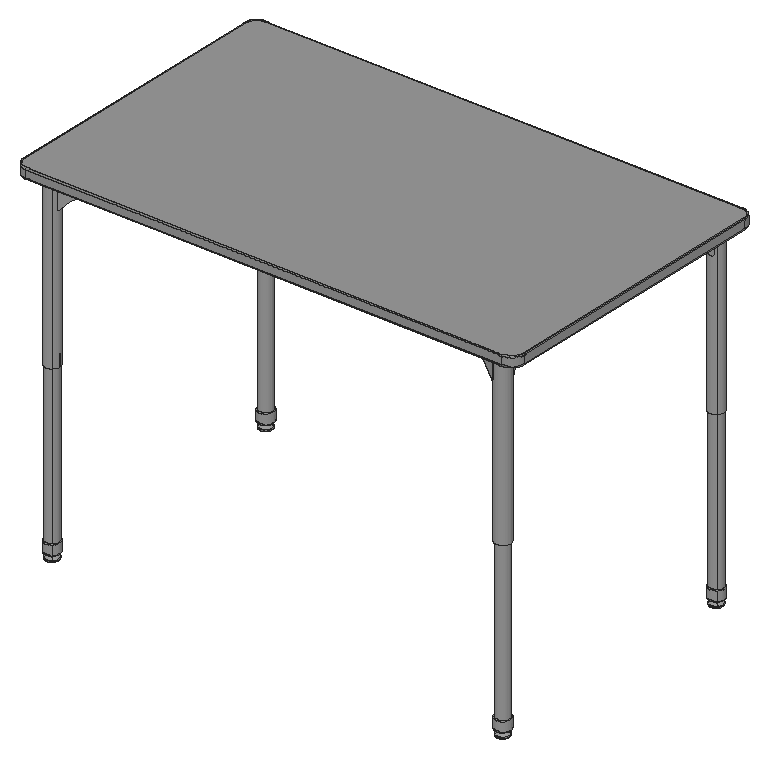
Revit family "Hierarchy Activity 60x36 Rectangle Table - Standing Height", category Furniture, Revit 2018
Family settings
  Work Plane-Based = No
  Always vertical = Yes
  Cut with Voids When Loaded = No
  Shared = No
  Room Calculation Point = No
Parameters
  Table Height = 3' - 5"
  Surface = Hierarchy Activity 60x36 Rectangle Table Standing Surface
  Leg Finish = Hierarchy Leg Platinum
  Edgeband = Hierarchy Activity 60x36 Rectangle Table Standing Edgeband
  Caster/Glide = Hierarchy Standing Leg - Glide : Hierarchy Standing Leg - Glide
Reference planes (in)
  plane 1 "Center (Front/Back)": y = 0
  plane 2: z = 0
  plane 3 "Center (Left/Right)": x = 0
  plane 4: z = 41
Dimensions and locks (in)
  "Table Height": plane 4 to level
  aligned and locked: plane 2 to level
  aligned and locked: nested 1 to plane 4
Nested families (in)
  nested 1: "Activity 60x36 Tabletop" at (0, 0, 17.075), type "Activity 60x36 Tabletop"
  nested 2: "Hierarchy Standing Leg - Glide" at (-27, 16, 0) x (0.7071, 0.7071, 0) z (0, 0, 1), type <- "Caster/Glide", Leg Finish <- "Leg Finish", Leg Height <- "Table Height", type "Hierarchy Standing Leg - Glide"
  nested 3: "Hierarchy Standing Leg - Glide" at (-27, -16, 0) x (0.7071, -0.7071, 0) z (0, 0, 1), type <- "Caster/Glide", Leg Finish <- "Leg Finish", Leg Height <- "Table Height", type "Hierarchy Standing Leg - Glide"
  nested 4: "Hierarchy Standing Leg - Glide" at (27, 16, 0) x (-0.7071, 0.7071, 0) z (0, 0, 1), Leg Finish <- "Leg Finish", Leg Height <- "Table Height", type "Hierarchy Standing Leg - Glide"
  nested 5: "Hierarchy Standing Leg - Glide" at (27, -16, 0) x (-0.7071, -0.7071, 0) z (0, 0, 1), Leg Finish <- "Leg Finish", Leg Height <- "Table Height", type "Hierarchy Standing Leg - Glide"
Definition of nested family "Activity 60x36 Tabletop"
  Parameters (values of type "Activity 60x36 Tabletop")
    Surface = none
    Edgeband = none
  Reference planes (in)
    plane 1 "Center (Front/Back)": y = 0
    plane 2: z = 0
    plane 3 "Center (Left/Right)": x = 0
  Forms (in)
    Extrusion 1, solid, material <- "Surface"
      sketch origin (0, 0, 0) x (1, 0, 0) y (0, 1, 0)
        loop
          line (28.5, 17.88189) -> (-28.5, 17.88189)
          arc (-28.5, 17.88189) -> (-29.47714, 17.47714) -> (-29.88189, 16.5) r 1.38189
          line (-29.88189, 16.5) -> (-29.88189, -16.5)
          arc (-29.88189, -16.5) -> (-29.47714, -17.47714) -> (-28.5, -17.88189) r 1.38189
          line (-28.5, -17.88189) -> (28.5, -17.88189)
          arc (28.5, -17.88189) -> (29.47714, -17.47714) -> (29.88189, -16.5) r 1.38189
          line (29.88189, -16.5) -> (29.88189, 16.5)
          arc (29.88189, 16.5) -> (29.47714, 17.47714) -> (28.5, 17.88189) r 1.38189
      from 23.925 to 25.125
    Sweep 2, solid, material <- "Edgeband"
      path origin (0, 0, 0) x (1, 0, 0) y (0, 1, 0)
        loop
          line (28.5, 17.88189) -> (-28.5, 17.88189)
          arc (-28.5, 17.88189) -> (-29.47714, 17.47714) -> (-29.88189, 16.5) r 1.38189
          line (-29.88189, 16.5) -> (-29.88189, -16.5)
          arc (-29.88189, -16.5) -> (-29.47714, -17.47714) -> (-28.5, -17.88189) r 1.38189
          line (-28.5, -17.88189) -> (28.5, -17.88189)
          arc (28.5, -17.88189) -> (29.47714, -17.47714) -> (29.88189, -16.5) r 1.38189
          line (29.88189, -16.5) -> (29.88189, 16.5)
          arc (29.88189, 16.5) -> (29.47714, 17.47714) -> (28.5, 17.88189) r 1.38189
      profile origin (0, 17.88189, 0) x (0, -1, 0) y (0, 0, 1)
        loop
          arc (0, 25.125) -> (-0.08352, 25.09041) -> (-0.11811, 25.00689) r 0.11811
          line (-0.11811, 25.00689) -> (-0.11811, 24.04311)
          arc (-0.11811, 24.04311) -> (-0.08352, 23.95959) -> (0, 23.925) r 0.11811
          line (0, 23.925) -> (0, 25.125)
  Dimensions and locks (in)
    aligned and locked: plane 2 to level
Definition of nested family "Hierarchy Standing Leg - Glide"
  Parameters (values of type "Hierarchy Standing Leg - Glide")
    Leg Finish [instance] = none
    Leg Height [instance] = 3' - 5"
  Reference planes (in)
    plane 1 "Center (Front/Back)": y = 0
    plane 2: z = 0
    plane 3 "Center (Left/Right)": x = 0
  Forms (in)
    Extrusion 1, solid
      sketch origin (-0.01562, 0, 0) x (1, 0, 0) y (0, 1, 0)
        loop
          circle (0.01563, 0) r 0.79147
      from 2 to 23.175
    Revolve 2, solid
      sketch origin (0, 0, 0) x (1, 0, 0) y (0, 0, 1)
        loop
          line (0, 2) -> (0, 0.74937) -> (0.84838, 0.74937)
          arc (0.84838, 0.74937) -> (0.89342, 0.76803) -> (0.91207, 0.81306) r 0.06369
          line (0.91207, 0.81306) -> (0.91207, 1.93631)
          arc (0.91207, 1.93631) -> (0.89342, 1.98134) -> (0.84838, 2) r 0.06369
          line (0.84838, 2) -> (0, 2)
        axis (0, 2) -> (0, 0.74937)
      angle from 0 to 360
    Revolve 3, solid
      sketch origin (0, 0, 0) x (1, 0, 0) y (0, 0, 1)
        loop
          line (0, 0.75) -> (0, 0) -> (0.74583, 0) -> (0.79147, 0.09013) -> (0.79147, 0.16241) -> (0.12474, 0.5) -> (0.12474, 0.75) -> (0, 0.75)
        axis (0, 0.75) -> (0, 0)
      angle from 0 to 360
  Dimensions and locks (in)
    "Leg Height": nested 1 to level
    aligned and locked: plane 2 to level
  Automatic sketch dimensions
    plane 1 "Center (Front/Back)" to Extrusion 1 sketch curve = 0' - 0"
    Extrusion 1 sketch curve to plane 3 "Center (Left/Right)" = 0' - 0"
    Revolve 2 sketch curve to plane 3 "Center (Left/Right)" = 0' - 0"  (x2)
    plane 3 "Center (Left/Right)" to Revolve 2 sketch curve = 0' - 0.84838"
    Revolve 2 sketch curve to Revolve 2 sketch curve = 0' - 0.84838"
    Revolve 2 sketch curve to Revolve 2 sketch curve = 0' - 0.06369"
    level to Revolve 2 sketch curve = 0' - 0.74937"
    Revolve 2 sketch curve to Revolve 2 sketch curve = 0' - 1.12324"
    Revolve 2 sketch curve to Revolve 2 sketch curve = 0' - 0.13731"
    Revolve 2 sketch curve to Revolve 2 sketch curve = 0' - 0 3/4"
    Revolve 3 sketch curve to plane 3 "Center (Left/Right)" = 0' - 0"  (x2)
    Revolve 3 sketch curve to level = 0' - 0"
    plane 3 "Center (Left/Right)" to Revolve 3 sketch curve = 0' - 0.12474"
    plane 3 "Center (Left/Right)" to Revolve 3 sketch curve = 0' - 0.74583"
    Revolve 3 sketch curve to Revolve 3 sketch curve = 0' - 0.04564"
    level to Revolve 3 sketch curve = 0' - 0.09013"
    Revolve 3 sketch curve to Revolve 3 sketch curve = 0' - 0.07228"
    level to Revolve 3 sketch curve = 0' - 0 1/2"
    Revolve 3 sketch curve to Revolve 3 sketch curve = 0' - 0 1/4"
    Revolve 3 sketch curve to level = 0' - 0 1/8"
    Revolve 3 sketch curve to Revolve 3 sketch curve = 0' - 0 1/8"
    radius of Extrusion 1 sketch curve = 0' - 0.79147"
  Nested families (in)
    nested 1: "Hierarchy Standing Upper Leg 2023" at (0, 0, 0.19983), Leg Finish <- "Leg Finish", type "Hierarchy Standing Upper Leg 2023"
      with Leg Finish none
  Definition of nested family "Hierarchy Standing Upper Leg 2023"
    Parameters (values of type "Hierarchy Standing Upper Leg 2023")
      Leg Finish [instance] = none
    Reference planes (in)
      plane 1 "Center (Front/Back)": y = 0
      plane 2: z = 0
      plane 3 "Center (Left/Right)": x = 0
    Forms (in)
      Extrusion 1, solid, material <- "Leg Finish"
        sketch origin (0, 0, 0) x (1, 0, 0) y (0, 1, 0)
          loop
            circle (0, 0) r 0.9129
        from 20.67418 to 40.67418
      Extrusion 2, solid, material <- "Leg Finish"
        sketch origin (0, 0, 12.998) x (1, 0, 0) y (0, 1, 0)
          loop
            line (-1.70174, 0.19183) -> (-3.96611, -4.49738)
            arc (-3.96611, -4.49738) -> (-3.91977, -5.33444) -> (-3.18615, -5.74016) r 0.86614
            line (-3.18615, -5.74016) -> (3.18615, -5.74016)
            arc (3.18615, -5.74016) -> (3.91977, -5.33444) -> (3.96611, -4.49738) r 0.86614
            line (3.96611, -4.49738) -> (1.70174, 0.19183)
            arc (1.70174, 0.19183) -> (0, 1.25984) -> (-1.70174, 0.19183) r 1.88976
        from 27.67618 to 27.80217
      Extrusion 3, solid, material <- "Leg Finish"
        sketch origin (12.41967, 1.58692, 0) x (0.434844, 0.900506, 0) y (0, 0, 1)
          loop
            arc (-12.68776, 40.67418) -> (-12.80559, 40.56418) -> (-12.70394, 40.43908) r 0.11811
            arc (-12.70394, 40.43908) -> (-9.98192, 39.53509) -> (-7.76426, 37.71614) r 7.87402
            arc (-7.76426, 37.71614) -> (-7.63344, 37.68136) -> (-7.55587, 37.79229) r 0.11811
            line (-7.55587, 37.79229) -> (-7.55587, 40.67418) -> (-12.68776, 40.67418)
        from -11.10976 to -10.98378
      Extrusion 4, solid, material <- "Leg Finish"
        sketch origin (-12.41967, 1.58692, 0) x (-0.434844, 0.900506, 0) y (0, 0, -1)
          loop
            line (-12.68776, -40.67418) -> (-7.55587, -40.67418) -> (-7.55587, -37.79229)
            arc (-7.55587, -37.79229) -> (-7.63344, -37.68136) -> (-7.76426, -37.71614) r 0.11811
            arc (-7.76426, -37.71614) -> (-9.98192, -39.53509) -> (-12.70394, -40.43908) r 7.87402
            arc (-12.70394, -40.43908) -> (-12.80559, -40.56418) -> (-12.68776, -40.67418) r 0.11811
        from -11.10976 to -10.98378
    Dimensions and locks (in)
      aligned and locked: plane 2 to level
